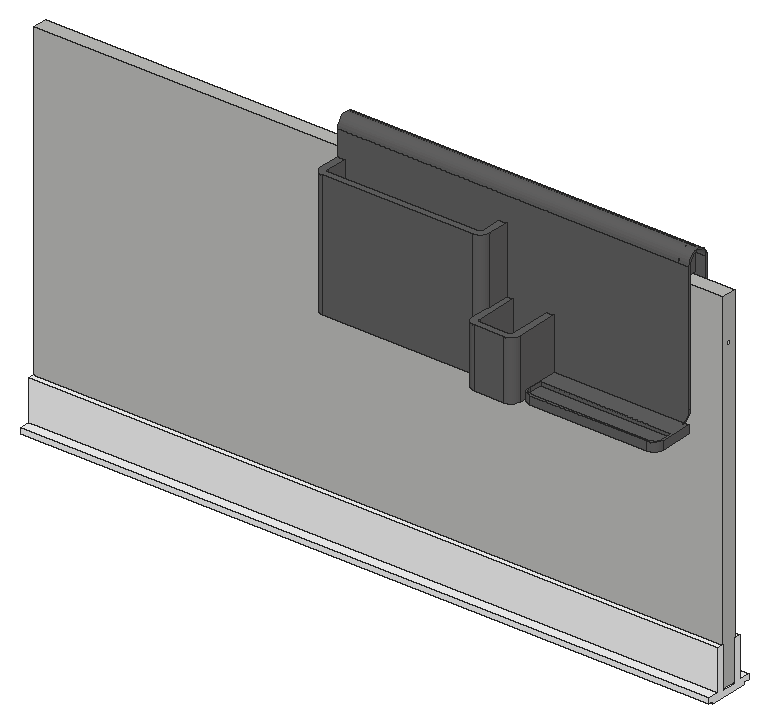
Revit family "Screen-Beam_Mounted-Teknion-JNSASB-Solid_Add-On-R2018", category Furniture, Revit 2018
Family settings
  OmniClass Number = 23.40.20.00
  OmniClass Title = General Furniture and Specialties
  Work Plane-Based = No
  Always vertical = Yes
  Cut with Voids When Loaded = No
  Shared = Yes
  Room Calculation Point = No
Parameters (values of type "Low Height (18), 120 Connection")
  Product Documentation Link 4 = "https://www.teknion.com/pricing/expansion-cityline/pdfs/JNSSA_ppg.pdf"
  Product Documentation Link 3 = "https://www.teknion.com/pricing/expansion-cityline/pdfs/JNSSE_ppg.pdf"
  Product Documentation Link 2 = "https://www.teknion.com/pricing/expansion-cityline/pdfs/JNSSM_ppg.pdf"
  JNSASB Width Note [instance] = "This product has widths ranging from 24 to 84 inches in 6 inch increments."  # constant formula
  Width [instance] = 48.000"
  Warranty = "http://www.teknion.com/ca/papers/legal-canada"
  Unit Weight URL = "http://www.teknion.com/ca/tools/assets#&asset=bee6a381-b954-425e-8283-5a2de3a804f2,f828d448-4b62-4231-9e5f-9a8991c0ed77"
  URL = "www.teknion.com"
  Sustainability Data = "http://www.teknion.com/ca/tools/assets#&topic=216f99a5-57a0-44fc-b10a-9dee9b29ae4c&asset=444deb64-fe58-4b68-981e-f75e97781df7"
  Standard Width = no
  Standard Height (28) = no
  Sit and Slide Screen Width [instance] = 24.000"
  Sit & Slide Screen Offset from Right Edge of Solid Add-On [instance] = 2.08252"
  Sit & Slide Screen Note [instance] = "Available Heights are 44, 53, and 59 inches. Available Widths are 24, 30, 36, and 42 inches."  # constant formula
  Sit & Slide Screen Material Note [instance] = "If Sit & Slide Screen - Felt is specified, then a felt finish must be chosen, if Sit & Slide Screen - Metal is specified, then you must choose between Whiteboard, Foundation, Mica, or an Accent Finish."  # constant formula
  Sit & Slide Screen Finish [instance] = Fabric-Teknion-RB11-Carbon
  Sit & Slide Screen Datum Offset [instance] = if(and([44 inch Sit & Slide Screen Datum Height], Datum Height = 42.000"), 2.000", if(and([53 inch Sit & Slide Screen Datum Height], Datum Height = 42.000"), 11.000", if(and([59 inch Sit & Slide Screen Datum Height], Datum Height = 42.000"), 17.000", if(and([53 inch Sit & Slide Screen Datum Height], Datum Height = 51.000"), 2.000", if(and([59 inch Sit & Slide Screen Datum Height], Datum Height = 51.000"), 8.000", if(and([59 inch Sit & Slide Screen Datum Height], Datum Height = 57.000"), 2.000", 2.000"))))))  # 2.000"
  Sit & Slide Screen (2D) [instance] = or(Has Sit & Slide Screen, Has Sit & Slide Screen with Accessories)  # yes
  Series = "Expansion Cityline"  # constant formula
  Screen Metal Frame Finish [instance] = Mica - Teknion - V - Satin - Very White
  Screen Finish [instance] = Source Laminate - Teknion - RV - Very White
  Right Plane Offset = if([Beam - Half], 0.846", if([Beam - Full], 1.693", if([120 Connection], 0.489", 0.000")))  # 0.489"
  Product Page URL = "http://www.teknion.com/ca/products/product-details?productlineid=9ad2a26e-8e7a-673b-a6c8-ff05004460c4"
  Product Line = "Expansion Cityline"  # constant formula
  Product Documentation Link = "http://www.teknion.com/pricing/expansion-cityline/pdfs/JNSASB_ppg.pdf"
  Part Number = "JNSASB"  # constant formula
  Sit and Slide Screen with Accessories Note [instance] = "If Sit & Slide Screen Width is greater than 24 inches, Sit & Slide Screen with Accessories can not be specified."  # constant formula
  Model = "JNSASBL____YS_"
  Manufacturer Phone = "416-661-3370"  # constant formula
  Manufacturer Fax = "416.661.4586"  # constant formula
  Manufacturer Contact Information = "http://www.teknion.com/ca/contactus"
  Manufacturer Address = "1150 Flint Road, Toronto, ON. M3J 2J5. Canada"  # constant formula
  Manufacturer = "Teknion"  # constant formula
  Low Height (18) = yes
  Left Plane Offset = if([Beam - Half], 0.846", if([Beam - Full], 1.693", if([120 Connection], 0.489", 0.000")))  # 0.489"
  Height = 18.000"
  JNSASB Datum Height Note [instance] = if([Low Height (18)], "This product has the following heights; 42, or 51 inches.", "This product has the following heights; 42, 51, and 57 inches.")  # "This product has the following heights; 42, or 51 inches."
  Has Sit & Slide Screen with Accessories [instance] = yes
  Has Sit & Slide Screen [instance] = yes
  Has Alignment Holes [instance] = yes
  Description = "Solid Add-On Screen – Beam-Mounted, Low height (18 inches), 120 Connection Width Reduction for Lateral Application, Standard Corner Detail"
  Datum Height [instance] = 42.000"
  Beam - Half = no
  Beam - Full = no
  Assembly Code = "E2020200"
  Alignment Hole Depth [instance] = if(Has Alignment Holes, 2.013", 0.500")  # 2.013"
  Accessory Finish [instance] = Fabric-Teknion-RB11-Carbon
  59 inch Sit & Slide Screen Datum Height [instance] = no
  53 inch Sit & Slide Screen Datum Height [instance] = no
  44 inch Sit & Slide Screen Datum Height [instance] = yes
  120 Connection = yes
Types (6): name | Standard Width | Standard Height (28) | Sit & Slide Screen Offset from Right Edge of Solid Add-On | Right Plane Offset | Model | Low Height (18) | Left Plane Offset | Height | JNSASB Datum Height Note | Description | Beam - Half | Beam - Full | 120 Connection
  Low Height (18), Standard Width | yes | no | 2.08252" | 0.000" | "JNSASBL____YS_" | yes | 0.000" | 18.000" | "This product has the following heights; 42, or 51 inches." | "Solid Add-On Screen – Beam-Mounted, Low height (18 inches), 120 Connection Width Reduction for Lateral Application, Standard Corner Detail" | no | no | no
  Low Height (18), 120 Connection | no | no | 2.08252" | 0.489" | "JNSASBL____YS_" | yes | 0.489" | 18.000" | "This product has the following heights; 42, or 51 inches." | "Solid Add-On Screen – Beam-Mounted, Low height (18 inches), 120 Connection Width Reduction for Lateral Application, Standard Corner Detail" | no | no | yes
  Standard Height (28), Standard Width | yes | yes | 3.000" | 0.000" | "JNSASBC____SS_" | no | 0.000" | 28.18504" | "This product has the following heights; 42, 51, and 57 inches." | "Solid Add-On Screen – Beam-Mounted, Standard Height (28 inches), Standard Width, Standard Corner Detail" | no | no | no
  Standard Height (28), Beam - Half | no | yes | 3.000" | 0.846" | "JNSASBC____AS_" | no | 0.846" | 28.18504" | "This product has the following heights; 42, 51, and 57 inches." | "Solid Add-On Screen – Beam-Mounted, Standard Height (28 inches), Beam - Half Width Reduction for Lateral Application, Standard Corner Detail" | yes | no | no
  Standard Height (28), Beam - Full | no | yes | 3.000" | 1.693" | "JNSASBC____BS_" | no | 1.693" | 28.18504" | "This product has the following heights; 42, 51, and 57 inches." | "Solid Add-On Screen – Beam-Mounted, Standard Height (28 inches), Beam - Full Width Reduction for Lateral Application, Standard Corner Detail" | no | yes | no
  Standard Height (28), 120 Connection | no | yes | 3.000" | 0.489" | "JNSASBC____BS_" | no | 0.489" | 28.18504" | "This product has the following heights; 42, 51, and 57 inches." | "Solid Add-On Screen – Beam-Mounted, Standard Height (28 inches),120 Connection Width Reduction for Lateral Application, Standard Corner Detail" | no | no | yes
Reference planes (in)
  plane 1 "Center Front/Back": y = 0
  plane 2: z = 0
  plane 3 "Center Left/Right": x = 0
  plane 4 "Left": x = -23.511
  plane 5 "Right": x = 23.511
  plane 6 "Back": y = 0.50787
  plane 7 "Front": y = -0.50787
  plane 8 "Top": z = 42
  plane 9: z = 17.46857
  plane 10: z = 18
  plane 11: x = -24.20493
  plane 12: x = 24.205
  plane 13: x = -2.57152
  plane 14: x = -1.82152
  plane 15: x = 20.67848
  plane 16: z = 33
  plane 17: z = 44
  plane 18: y = -0.69488
  plane 19: y = 0.69488
  plane 20: y = 0.74988
  plane 21: y = -0.74988
  plane 22: x = 21.42848
  plane 23: x = -24
  plane 24: x = 24
Forms (in)
  Extrusion 1, solid, material "Source Laminate - Teknion - RV - Very White" <- "Screen Finish"
    sketch origin (-23.511, 0, -0.125) x (0, 1, 0) y (0, 0, 1)
      loop
        line (0.50787, 42.125) -> (-0.50787, 42.125) -> (-0.50787, 18.125) -> (0.50787, 18.125) -> (0.50787, 42.125)
    from 0 to 47.022
  Extrusion 2, void
    sketch origin (-23.511, 0, 0) x (0, 1, 0) y (0, 0, 1)
      loop
        circle (0, 38.99999) r 0.15747
    from -0.69393 to 1.31907
  Extrusion 3, void
    sketch origin (9, 0, 0) x (0, 1, 0) y (0, 0, -1)
      loop
        circle (0, -38.99999) r 0.15747
    from -15.205 to -13.192
  Extrusion 4, solid, material "Fabric-Teknion-RB11-Carbon" <- "Sit & Slide Screen Finish", visible <- "Has Sit & Slide Screen"
    sketch origin (23.511, 0, 0) x (0, 1, 0) y (0, 0, -1)
      loop
        arc (-0.74988, -43.25012) -> (0, -44) -> (0.74988, -43.25012) r 0.74988
        line (0.74988, -43.25012) -> (0.74988, -33) -> (0.69488, -33) -> (0.69488, -43.25012)
        arc (0.69488, -43.25012) -> (0, -43.945) -> (-0.69488, -43.25012) r 0.69488
        line (-0.69488, -43.25012) -> (-0.69488, -33) -> (-0.74988, -33) -> (-0.74988, -43.25012)
    from 2.08252 to 26.08252
  Extrusion 5, void
    sketch origin (0, -0.50787, 0) x (-1, 0, 0) y (0, 0, -1)
      loop
        line (2.57152, -34.5) -> (2.57152, -33) -> (1.07152, -33)
        arc (1.07152, -33) -> (2.13218, -33.43934) -> (2.57152, -34.5) r 1.5
    from 0 to 12
  Extrusion 6, void
    sketch origin (12, -0.50787, 0) x (1, 0, 0) y (0, 0, 1)
      loop
        line (9.42848, 33) -> (9.42848, 34.5)
        arc (9.42848, 34.5) -> (8.98914, 33.43934) -> (7.92848, 33) r 1.5
        line (7.92848, 33) -> (9.42848, 33)
    from 0 to 12
  Extrusion 7, void
    sketch origin (0, 0.50787, 0) x (-1, 0, 0) y (0, 0, 1)
      loop
        arc (2.57152, 34.5) -> (2.13218, 33.43934) -> (1.07152, 33) r 1.5
        line (1.07152, 33) -> (2.57152, 33) -> (2.57152, 34.5)
    from 0 to 12
  Extrusion 8, void
    sketch origin (12, 0.50787, 0) x (1, 0, 0) y (0, 0, -1)
      loop
        line (9.42848, -33) -> (7.92848, -33)
        arc (7.92848, -33) -> (8.98914, -33.43934) -> (9.42848, -34.5) r 1.5
        line (9.42848, -34.5) -> (9.42848, -33)
    from 0 to 12
  Extrusion 9, solid, material "Fabric-Teknion-RB11-Carbon" <- "Sit & Slide Screen Finish", visible <- "Has Sit & Slide Screen"
    sketch origin (-23.511, 0, -8.83) x (0, 1, 0) y (0, 0, 1)
      loop
        line (-0.69488, 50.83) -> (0.69488, 50.83) -> (0.69488, 52.08012)
        arc (0.69488, 52.08012) -> (0, 52.775) -> (-0.69488, 52.08012) r 0.69488
        line (-0.69488, 52.08012) -> (-0.69488, 50.83)
    from 21.68948 to 44.18948
  Extrusion 10, solid, material "Fabric-Teknion-RB11-Carbon" <- "Accessory Finish", visible <- "Has Sit & Slide Screen with Accessories"
    sketch origin (0, 0, 0) x (1, 0, 0) y (0, 1, 0)
      loop
        line (8.93636, 3.62894) -> (8.93636, 0.74988) -> (12.19423, 0.74988) -> (12.19423, 3.62894)
        arc (12.19423, 3.62894) -> (12.01117, 4.07088) -> (11.56923, 4.25394) r 0.625
        line (11.56923, 4.25394) -> (9.56136, 4.25394)
        arc (9.56136, 4.25394) -> (9.11941, 4.07088) -> (8.93636, 3.62894) r 0.625
    from 33 to 37.01575
  Extrusion 11, void
    sketch origin (0, 0, 0) x (1, 0, 0) y (0, 1, 0)
      loop
        line (9.40092, 3.62894) -> (9.40092, 0.74988) -> (11.72966, 0.74988) -> (11.72966, 3.62894)
        arc (11.72966, 3.62894) -> (11.68267, 3.74238) -> (11.56923, 3.78937) r 0.16043
        line (11.56923, 3.78937) -> (9.56136, 3.78937)
        arc (9.56136, 3.78937) -> (9.44791, 3.74238) -> (9.40092, 3.62894) r 0.16043
    from 33.05512 to 44
  Extrusion 12, solid, material "Fabric-Teknion-RB11-Carbon" <- "Accessory Finish", visible <- "Has Sit & Slide Screen with Accessories"
    sketch origin (0, 0, 0) x (1, 0, 0) y (0, 1, 0)
      loop
        line (-2.57152, 2.18839) -> (-2.57152, 0.75) -> (8.93636, 0.75) -> (8.93636, 2.18839)
        arc (8.93636, 2.18839) -> (8.7533, 2.63033) -> (8.31136, 2.81339) r 0.625
        line (8.31136, 2.81339) -> (-1.94652, 2.81339)
        arc (-1.94652, 2.81339) -> (-2.38846, 2.63033) -> (-2.57152, 2.18839) r 0.625
    from 33 to 41.51969
  Extrusion 13, solid, material "Fabric-Teknion-RB11-Carbon" <- "Accessory Finish", visible <- "Has Sit & Slide Screen with Accessories"
    sketch origin (0, 0, 0) x (1, 0, 0) y (0, 1, 0)
      loop
        arc (-2.57152, -2.18839) -> (-2.38846, -2.63033) -> (-1.94652, -2.81339) r 0.625
        line (-1.94652, -2.81339) -> (8.31136, -2.81339)
        arc (8.31136, -2.81339) -> (8.7533, -2.63033) -> (8.93636, -2.18839) r 0.625
        line (8.93636, -2.18839) -> (8.93636, -0.74988) -> (-2.57152, -0.74988) -> (-2.57152, -2.18839)
    from 33 to 41.51969
  Extrusion 14, solid, material "Fabric-Teknion-RB11-Carbon" <- "Accessory Finish", visible <- "Has Sit & Slide Screen with Accessories"
    sketch origin (0, 0, 0) x (1, 0, 0) y (0, 1, 0)
      loop
        arc (8.93636, -3.62894) -> (9.11941, -4.07088) -> (9.56136, -4.25394) r 0.625
        line (9.56136, -4.25394) -> (11.56923, -4.25394)
        arc (11.56923, -4.25394) -> (12.01117, -4.07088) -> (12.19423, -3.62894) r 0.625
        line (12.19423, -3.62894) -> (12.19423, -0.74988) -> (8.93636, -0.74988) -> (8.93636, -3.62894)
    from 33 to 37.01575
  Extrusion 15, void
    sketch origin (0, 0, 0) x (1, 0, 0) y (0, 1, 0)
      loop
        arc (9.40092, -3.62894) -> (9.44791, -3.74238) -> (9.56136, -3.78937) r 0.16043
        line (9.56136, -3.78937) -> (11.56923, -3.78937)
        arc (11.56923, -3.78937) -> (11.68267, -3.74238) -> (11.72966, -3.62894) r 0.16043
        line (11.72966, -3.62894) -> (11.72966, -0.74988) -> (9.40092, -0.74988) -> (9.40092, -3.62894)
    from 33 to 44
  Extrusion 16, solid, material "Fabric-Teknion-RB11-Carbon" <- "Accessory Finish", visible <- "Has Sit & Slide Screen with Accessories"
    sketch origin (0, 0, 0) x (1, 0, 0) y (0, 1, 0)
      loop
        line (12.19423, 2.93445) -> (12.19423, 0.74988) -> (21.42848, 0.74988) -> (21.42848, 2.93445)
        arc (21.42848, 2.93445) -> (21.24542, 3.37639) -> (20.80348, 3.55945) r 0.625
        line (20.80348, 3.55945) -> (12.81923, 3.55945)
        arc (12.81923, 3.55945) -> (12.37729, 3.37639) -> (12.19423, 2.93445) r 0.625
    from 33 to 33.55906
  Extrusion 17, solid, material "Fabric-Teknion-RB11-Carbon" <- "Accessory Finish", visible <- "Has Sit & Slide Screen with Accessories"
    sketch origin (0, 0, 0) x (1, 0, 0) y (0, 1, 0)
      loop
        arc (12.19423, -2.93445) -> (12.37729, -3.37639) -> (12.81923, -3.55945) r 0.625
        line (12.81923, -3.55945) -> (20.80348, -3.55945)
        arc (20.80348, -3.55945) -> (21.24542, -3.37639) -> (21.42848, -2.93445) r 0.625
        line (21.42848, -2.93445) -> (21.42848, -0.74988) -> (12.19423, -0.74988) -> (12.19423, -2.93445)
    from 33 to 33.55906
  Extrusion 18, void
    sketch origin (0, 0.08858, 0) x (1, 0, 0) y (0, 1, 0)
      loop
        line (-2.10695, 2.0998) -> (-2.10695, 0.6613) -> (8.47179, 0.6613) -> (8.47179, 2.0998)
        arc (8.47179, 2.0998) -> (8.4248, 2.21325) -> (8.31136, 2.26024) r 0.16043
        line (8.31136, 2.26024) -> (-1.94652, 2.26024)
        arc (-1.94652, 2.26024) -> (-2.05996, 2.21325) -> (-2.10695, 2.0998) r 0.16043
    from 33.05512 to 44
  Extrusion 19, void
    sketch origin (0, -0.08858, 0) x (1, 0, 0) y (0, 1, 0)
      loop
        arc (-2.10695, -2.0998) -> (-2.05996, -2.21325) -> (-1.94652, -2.26024) r 0.16043
        line (-1.94652, -2.26024) -> (8.31136, -2.26024)
        arc (8.31136, -2.26024) -> (8.4248, -2.21325) -> (8.47179, -2.0998) r 0.16043
        line (8.47179, -2.0998) -> (8.47179, -0.6613) -> (-2.10695, -0.6613) -> (-2.10695, -2.0998)
    from 33.05512 to 44
  Extrusion 20, void
    sketch origin (0, 0, 0) x (1, 0, 0) y (0, 1, 0)
      loop
        line (12.31234, 2.06339) -> (21.31037, 2.06339) -> (21.31037, 2.93445)
        arc (21.31037, 2.93445) -> (21.16191, 3.29287) -> (20.80348, 3.44134) r 0.50689
        line (20.80348, 3.44134) -> (12.81923, 3.44134)
        arc (12.81923, 3.44134) -> (12.4608, 3.29287) -> (12.31234, 2.93445) r 0.50689
        line (12.31234, 2.93445) -> (12.31234, 2.06339)
    from 33.30709 to 44
  Extrusion 21, void
    sketch origin (0, 0, 0) x (1, 0, 0) y (0, 1, 0)
      loop
        line (12.31234, -2.06339) -> (12.31234, -2.93445)
        arc (12.31234, -2.93445) -> (12.4608, -3.29287) -> (12.81923, -3.44134) r 0.50689
        line (12.81923, -3.44134) -> (20.80348, -3.44134)
        arc (20.80348, -3.44134) -> (21.16191, -3.29287) -> (21.31037, -2.93445) r 0.50689
        line (21.31037, -2.93445) -> (21.31037, -2.06339) -> (12.31234, -2.06339)
    from 33.30709 to 44
  Extrusion 22, solid, material "Mica - Teknion - V - Satin - Very White" <- "Screen Metal Frame Finish"
    sketch origin (0, 0, 0) x (0, 1, 0) y (0, 0, 1)
      loop
        line (1.69291, 17.62598) -> (1.69291, 18) -> (0.94488, 18) -> (0.94488, 20.70472) -> (0.50787, 20.70472) -> (0.50787, 17.88196) -> (-0.50787, 17.88196) -> (-0.50787, 20.70472) -> (-0.94488, 20.70472) -> (-0.94488, 18) -> (-1.69291, 18) -> (-1.69291, 17.62598) -> (-1.3248, 17.62598) -> (-1.3248, 17.46857) -> (1.3248, 17.46857) -> (1.3248, 17.62598) -> (1.69291, 17.62598)
    from -23.511 to 23.511
Cuts and joins
  Extrusion 2, Extrusion 3, Extrusion 5, Extrusion 6, Extrusion 7, Extrusion 8 cuts Extrusion 1
  Extrusion 5, Extrusion 6, Extrusion 7, Extrusion 8 cuts Extrusion 4
  Extrusion 11, Extrusion 15 cuts Extrusion 10
  Extrusion 18, Extrusion 19 cuts Extrusion 12
  Extrusion 19 cuts Extrusion 13
  Extrusion 15 cuts Extrusion 14
  Extrusion 21 cuts Extrusion 17
  Extrusion 20 cuts Extrusion 16
Lines and regions (in)
  Masking region 1
    outline origin (0, 0, 0) x (1, 0, 0) y (0, 1, 0)
      loop
        line (-23.511, -1.69291) -> (23.511, -1.69291) -> (23.511, 1.69291) -> (-23.511, 1.69291) -> (-23.511, -1.69291)
  Masking region 2, visible <- "Has Sit & Slide Screen with Accessories"
    outline origin (0, 0, 0) x (1, 0, 0) y (0, 1, 0)
      loop
        line (-2.57152, 0.74988) -> (8.93636, 0.74988) -> (8.93636, 2.18839)
        arc (8.93636, 2.18839) -> (8.7533, 2.63033) -> (8.31136, 2.81339) r 0.625
        line (8.31136, 2.81339) -> (-1.94652, 2.81339)
        arc (-1.94652, 2.81339) -> (-2.38846, 2.63033) -> (-2.57152, 2.18839) r 0.625
        line (-2.57152, 2.18839) -> (-2.57152, 0.74988)
  Masking region 3, visible <- "Has Sit & Slide Screen with Accessories"
    outline origin (0, 0, 0) x (1, 0, 0) y (0, 1, 0)
      loop
        line (-2.57152, -0.74988) -> (-2.57152, -2.18839)
        arc (-2.57152, -2.18839) -> (-2.38846, -2.63033) -> (-1.94652, -2.81339) r 0.625
        line (-1.94652, -2.81339) -> (8.31136, -2.81339)
        arc (8.31136, -2.81339) -> (8.7533, -2.63033) -> (8.93636, -2.18839) r 0.625
        line (8.93636, -2.18839) -> (8.93636, -0.74988) -> (-2.57152, -0.74988)
  Masking region 4, visible <- "Has Sit & Slide Screen with Accessories"
    outline origin (0, 0, 0) x (1, 0, 0) y (0, 1, 0)
      loop
        line (11.56923, 4.25394) -> (9.56136, 4.25394)
        arc (9.56136, 4.25394) -> (9.11941, 4.07088) -> (8.93636, 3.62894) r 0.625
        line (8.93636, 3.62894) -> (8.93636, 0.74988) -> (12.19423, 0.74988) -> (12.19423, 3.62894)
        arc (12.19423, 3.62894) -> (12.01117, 4.07088) -> (11.56923, 4.25394) r 0.625
  Masking region 5, visible <- "Has Sit & Slide Screen with Accessories"
    outline origin (0, 0, 0) x (1, 0, 0) y (0, 1, 0)
      loop
        line (20.80348, 3.55945) -> (12.81923, 3.55945)
        arc (12.81923, 3.55945) -> (12.37729, 3.37639) -> (12.19423, 2.93445) r 0.625
        line (12.19423, 2.93445) -> (12.19423, 0.74988) -> (21.42848, 0.74988) -> (21.42848, 2.93445)
        arc (21.42848, 2.93445) -> (21.24542, 3.37639) -> (20.80348, 3.55945) r 0.625
  Masking region 6, visible <- "Has Sit & Slide Screen with Accessories"
    outline origin (0, 0, 0) x (1, 0, 0) y (0, 1, 0)
      loop
        line (12.19423, -0.74988) -> (12.19423, -2.93445)
        arc (12.19423, -2.93445) -> (12.37729, -3.37639) -> (12.81923, -3.55945) r 0.625
        line (12.81923, -3.55945) -> (20.80348, -3.55945)
        arc (20.80348, -3.55945) -> (21.24542, -3.37639) -> (21.42848, -2.93445) r 0.625
        line (21.42848, -2.93445) -> (21.42848, -0.74988) -> (12.19423, -0.74988)
  Masking region 7, visible <- "Has Sit & Slide Screen with Accessories"
    outline origin (0, 0, 0) x (1, 0, 0) y (0, 1, 0)
      loop
        line (8.93636, -0.74988) -> (8.93636, -3.62894)
        arc (8.93636, -3.62894) -> (9.11941, -4.07088) -> (9.56136, -4.25394) r 0.625
        line (9.56136, -4.25394) -> (11.56923, -4.25394)
        arc (11.56923, -4.25394) -> (12.01117, -4.07088) -> (12.19423, -3.62894) r 0.625
        line (12.19423, -3.62894) -> (12.19423, -0.74988) -> (8.93636, -0.74988)
  Masking region 8, visible <- "Sit & Slide Screen (2D)"
    outline origin (0, 0, 0) x (1, 0, 0) y (0, 1, 0)
      loop
        line (-2.57152, 0.75) -> (-2.57152, -0.74988) -> (21.42848, -0.74988) -> (21.42848, 0.75) -> (-2.57152, 0.75)
  symbolic lines, detail levels medium+fine
    curve 1: line (-23.511, 0.50787, 0) -> (23.511, 0.50787, 0)
    curve 2: line (-23.511, -0.50787, 0) -> (23.511, -0.50787, 0)
  symbolic lines, style "FurnitureHiddenLines", visible <- "Has Alignment Holes", detail levels fine
    curve 3: line (-23.511, 0.15747, 0) -> (-22.19193, 0.15747, 0)
    curve 4: line (-22.19193, 0.15747, 0) -> (-22.19193, -0.15747, 0)
    curve 5: line (-22.19193, -0.15747, 0) -> (-23.511, -0.15747, 0)
    curve 6: line (23.511, 0.15747, 0) -> (22.19193, 0.15747, 0)
    curve 7: line (22.19193, 0.15747, 0) -> (22.19193, -0.15747, 0)
    curve 8: line (22.19193, -0.15747, 0) -> (23.511, -0.15747, 0)
  symbolic lines, visible <- "Has Sit & Slide Screen with Accessories", detail levels fine
    curve 9: line (-2.10695, 2.18839, 0) -> (-2.10695, 0.75, 0)
    curve 10: line (-2.10695, 0.75, 0) -> (8.47179, 0.75, 0)
    curve 11: line (8.47179, 0.75, 0) -> (8.47179, 2.18839, 0)
    curve 12: arc (8.47179, 2.18839, 0) -> (8.4248, 2.30183, 0) -> (8.31136, 2.34882, 0) r 0.16043
    curve 13: line (8.31136, 2.34882, 0) -> (-1.94652, 2.34882, 0)
    curve 14: arc (-1.94652, 2.34882, 0) -> (-2.05996, 2.30183, 0) -> (-2.10695, 2.18839, 0) r 0.16043
    curve 15: line (-1.94652, -2.34882, 0) -> (8.31136, -2.34882, 0)
    curve 16: arc (8.31136, -2.34882, 0) -> (8.4248, -2.30183, 0) -> (8.47179, -2.18839, 0) r 0.16043
    curve 17: line (8.47179, -2.18839, 0) -> (8.47179, -0.74988, 0)
    curve 18: line (8.47179, -0.74988, 0) -> (-2.10695, -0.74988, 0)
    curve 19: line (-2.10695, -0.74988, 0) -> (-2.10695, -2.18839, 0)
    curve 20: arc (-2.10695, -2.18839, 0) -> (-2.05996, -2.30183, 0) -> (-1.94652, -2.34882, 0) r 0.16043
    curve 21: line (9.40092, 3.62894, 0) -> (9.40092, 0.74988, 0)
    curve 22: line (9.40092, 0.74988, 0) -> (11.72966, 0.74988, 0)
    curve 23: line (11.72966, 0.74988, 0) -> (11.72966, 3.62894, 0)
    curve 24: arc (11.72966, 3.62894, 0) -> (11.68267, 3.74238, 0) -> (11.56923, 3.78937, 0) r 0.16043
    curve 25: line (11.56923, 3.78937, 0) -> (9.56136, 3.78937, 0)
    curve 26: arc (9.56136, 3.78937, 0) -> (9.44791, 3.74238, 0) -> (9.40092, 3.62894, 0) r 0.16043
    curve 27: line (12.81923, 3.44134, 0) -> (20.80348, 3.44134, 0)
    curve 28: arc (20.80348, 3.44134, 0) -> (21.16191, 3.29287, 0) -> (21.31037, 2.93445, 0) r 0.50689
    curve 29: line (21.31037, 2.93445, 0) -> (21.31037, 2.06339, 0)
    curve 30: line (21.31037, 2.06339, 0) -> (12.31234, 2.06339, 0)
    curve 31: line (12.31234, 2.06339, 0) -> (12.31234, 2.93445, 0)
    curve 32: arc (12.31234, 2.93445, 0) -> (12.4608, 3.29287, 0) -> (12.81923, 3.44134, 0) r 0.50689
    curve 33: line (12.31234, -2.06339, 0) -> (21.31037, -2.06339, 0)
    curve 34: line (21.31037, -2.06339, 0) -> (21.31037, -2.93445, 0)
    curve 35: arc (21.31037, -2.93445, 0) -> (21.16191, -3.29287, 0) -> (20.80348, -3.44134, 0) r 0.50689
    curve 36: line (20.80348, -3.44134, 0) -> (12.81923, -3.44134, 0)
    curve 37: arc (12.81923, -3.44134, 0) -> (12.4608, -3.29287, 0) -> (12.31234, -2.93445, 0) r 0.50689
    curve 38: line (12.31234, -2.93445, 0) -> (12.31234, -2.06339, 0)
    curve 39: line (9.40092, -0.74988, 0) -> (9.40092, -3.62894, 0)
    curve 40: arc (9.40092, -3.62894, 0) -> (9.44791, -3.74238, 0) -> (9.56136, -3.78937, 0) r 0.16043
    curve 41: line (9.56136, -3.78937, 0) -> (11.56923, -3.78937, 0)
    curve 42: arc (11.56923, -3.78937, 0) -> (11.68267, -3.74238, 0) -> (11.72966, -3.62894, 0) r 0.16043
    curve 43: line (11.72966, -3.62894, 0) -> (11.72966, -0.74988, 0)
    curve 44: line (11.72966, -0.74988, 0) -> (9.40092, -0.74988, 0)
  reference lines, not visible
    curve 45: line (-23.511, 1.69291, 0) -> (23.511, 1.69291, 0)
    curve 46: line (-23.511, -1.69291, 0) -> (23.511, -1.69291, 0)
    curve 47: line (-23.511, 1.69291, 0) -> (-23.511, -1.69291, 0)
    curve 48: line (23.511, 1.69291, 0) -> (23.511, -1.69291, 0)
Dimensions and locks (in)
  "Width": plane 23 to plane 24
  locked: plane 6 "Back" to plane 7 "Front" at 1.01575
  "Datum Height": plane 8 "Top" to level
  plane 9 to plane 10 = 0.53143"
  equal spacing: plane 23, plane 3 "Center Left/Right", plane 24
  plane 11 to plane 23 = 0.20493"
  "Alignment Hole Depth": plane 11 to Extrusion 2
  locked: plane 12 to plane 24 at 0.205
  "Alignment Hole Depth": plane 12 to Extrusion 3
  locked: plane 4 "Left" to curve 4 at 1.31907
  curve 5 to plane 1 "Center Front/Back" to curve 3 = 0.15747" locked, 0.15747" locked
  curve 8 to plane 1 "Center Front/Back" to curve 6 = 0.15747" locked, 0.15747" locked
  Extrusion 9 sketch curve to plane 1 "Center Front/Back" to Extrusion 9 sketch curve = 0.69488" locked, 0.69488" locked
  locked: plane 13 to plane 14 at 0.75
  plane 17 to Extrusion 4 sketch curve to Extrusion 4 sketch curve = 0.74988" locked, 0.000" locked
  locked: plane 17 to Extrusion 9 sketch curve at 0.74988
  locked: plane 18 to plane 7 "Front" at 0.18701
  locked: plane 6 "Back" to plane 19 at 0.18701
  locked: plane 21 to plane 18 at 0.055
  locked: plane 19 to plane 20 at 0.055
  locked: plane 1 "Center Front/Back" to Extrusion 4 sketch curve at 0  (x2)
  locked: Extrusion 21 to plane 16 at 0.30709  (x2)
  Extrusion 13 sketch curve to Extrusion 13 sketch curve to Extrusion 13 sketch curve to Extrusion 13 sketch curve to plane 22 = 0.625" locked, 10.25787" locked, 0.625" locked, 12.49213" locked
  locked: plane 21 to Extrusion 13 sketch curve at 2.0635
  Extrusion 12 sketch curve to Extrusion 12 sketch curve to Extrusion 12 sketch curve to Extrusion 12 sketch curve to plane 22 = 0.625" locked, 10.25787" locked, 0.625" locked, 12.49213" locked
  locked: plane 20 to Extrusion 12 sketch curve at 2.0635
  Extrusion 14 sketch curve to Extrusion 14 sketch curve to Extrusion 14 sketch curve to Extrusion 14 sketch curve to plane 22 = 0.625" locked, 2.00787" locked, 0.625" locked, 9.23425" locked
  locked: plane 21 to Extrusion 14 sketch curve at 3.50406
  Extrusion 10 sketch curve to Extrusion 10 sketch curve to Extrusion 10 sketch curve to Extrusion 10 sketch curve to plane 22 = 0.625" locked, 2.00787" locked, 0.625" locked, 9.23425" locked
  locked: plane 20 to Extrusion 10 sketch curve at 3.50406
  plane 20 to Extrusion 11 sketch curve to Extrusion 11 sketch curve to Extrusion 11 sketch curve = 2.87906" locked, 0.000" locked, 0.16043" locked
  Extrusion 11 sketch curve to Extrusion 11 sketch curve to plane 22 = 2.32874" locked, 9.69882" locked
  Extrusion 15 sketch curve to Extrusion 15 sketch curve to Extrusion 15 sketch curve to Extrusion 15 sketch curve to plane 22 = 0.16043" locked, 2.00787" locked, 0.16043" locked, 9.69882" locked
  locked: plane 21 to Extrusion 15 sketch curve at 3.03949
  plane 21 to Extrusion 17 sketch curve to Extrusion 17 sketch curve to Extrusion 17 sketch curve = 2.18457" locked, 0.000" locked, 0.625" locked
  Extrusion 17 sketch curve to Extrusion 17 sketch curve to Extrusion 17 sketch curve to Extrusion 17 sketch curve = 0.625" locked, 7.98425" locked, 0.625" locked
  plane 20 to Extrusion 20 sketch curve to Extrusion 20 sketch curve to Extrusion 20 sketch curve to Extrusion 20 sketch curve = 1.3135" locked, 0.87106" locked, 0.000" locked, 0.50689" locked
  Extrusion 20 sketch curve to Extrusion 20 sketch curve to Extrusion 20 sketch curve to Extrusion 20 sketch curve to plane 22 = 0.50689" locked, 7.98425" locked, 0.50689" locked, 0.11811" locked
  locked: cut or joined group of Extrusion 13, Extrusion 19 to plane 16 at 0.05512
  locked: plane 16 to cut or joined group of Extrusion 16, Extrusion 20 at 0.30709
  locked: plane 16 to cut or joined group of Extrusion 10, Extrusion 11, Extrusion 15 at 0.05512
  locked: plane 16 to cut or joined group of Extrusion 12, Extrusion 18, Extrusion 19 at 0.05512
  Extrusion 18 sketch curve to Extrusion 18 sketch curve to Extrusion 18 sketch curve to Extrusion 18 sketch curve to plane 22 = 0.16043" locked, 10.25787" locked, 0.16043" locked, 12.95669" locked
  locked: plane 20 to Extrusion 18 sketch curve at 1.59894
  Extrusion 19 sketch curve to Extrusion 19 sketch curve to Extrusion 19 sketch curve to Extrusion 19 sketch curve to plane 22 = 0.16043" locked, 10.25787" locked, 0.16043" locked, 12.95669" locked
  locked: plane 21 to Extrusion 19 sketch curve at 1.59894
  "Sit & Slide Screen Offset from Right Edge of Solid Add-On": plane 22 to plane 5 "Right"
  Extrusion 21 sketch curve to Extrusion 21 sketch curve to Extrusion 21 sketch curve to Extrusion 21 sketch curve to plane 22 = 0.50689" locked, 7.98425" locked, 0.50689" locked, 0.11811" locked
  plane 21 to Extrusion 21 sketch curve to Extrusion 21 sketch curve to Extrusion 21 sketch curve to Extrusion 21 sketch curve = 1.3135" locked, 0.87106" locked, 0.000" locked, 0.50689" locked
  locked: plane 15 to plane 22 at 0.75
  "Sit and Slide Screen Width": plane 13 to plane 22
  Extrusion 16 sketch curve to Extrusion 16 sketch curve to Extrusion 16 sketch curve to plane 22 = 0.625" locked, 7.98425" locked, 0.625" locked
  plane 20 to Extrusion 16 sketch curve to Extrusion 16 sketch curve to Extrusion 16 sketch curve = 2.18457" locked, 0.000" locked, 0.625" locked
  "Sit & Slide Screen Datum Offset": plane 17 to plane 8 "Top"
  locked: Extrusion 5 sketch curve to plane 13 at 1.5
  locked: Extrusion 5 sketch curve to plane 16 at 1.5
  locked: Extrusion 7 sketch curve to plane 13 at 1.5
  locked: plane 16 to Extrusion 7 sketch curve at 1.5
  locked: plane 22 to Extrusion 6 sketch curve at 1.5
  locked: Extrusion 6 sketch curve to plane 16 at 1.5
  locked: plane 22 to Extrusion 8 sketch curve at 1.5
  locked: plane 16 to Extrusion 8 sketch curve at 1.5
  plane 9 to Extrusion 22 sketch curve to Extrusion 22 sketch curve = 3.23615" locked, 0.000" locked
  Extrusion 22 sketch curve to Extrusion 22 sketch curve to plane 6 "Back" = 0.37992" locked, 0.43701" locked
  plane 7 "Front" to Extrusion 22 sketch curve to Extrusion 22 sketch curve = 0.43701" locked, 0.37992" locked
  locked: Extrusion 22 sketch curve to plane 9 at 0
  plane 9 to Extrusion 22 sketch curve to Extrusion 22 sketch curve = 0.15741" locked, 0.000" locked
  locked: plane 16 to plane 8 "Top" at 9
  locked: cut or joined group of Extrusion 13, Extrusion 19 to plane 16 at 8.51969
  locked: cut or joined group of Extrusion 14, Extrusion 15 to plane 16 at 4.01575
  locked: cut or joined group of Extrusion 17, Extrusion 21 to plane 16 at 0.55906
  locked: plane 16 to cut or joined group of Extrusion 12, Extrusion 18, Extrusion 19 at 8.51969
  locked: cut or joined group of Extrusion 10, Extrusion 11, Extrusion 15 to plane 16 at 4.01575
  locked: cut or joined group of Extrusion 16, Extrusion 20 to plane 16 at 0.55906
  "Right Plane Offset": plane 5 "Right" to plane 24
  "Left Plane Offset": plane 23 to plane 4 "Left"
  "Height": level to plane 10
  aligned and locked: level to plane 2
  aligned and locked: plane 8 "Top" to Extrusion 1
  aligned and locked: plane 7 "Front" to Extrusion 1
  aligned and locked: plane 6 "Back" to Extrusion 1
  aligned and locked: plane 10 to Extrusion 1
  aligned and locked: Extrusion 1 to plane 5 "Right"
  aligned and locked: Extrusion 1 to plane 4 "Left"
  aligned and locked: plane 11 to Extrusion 2
  aligned and locked: Extrusion 3 to plane 12
  aligned and locked: curve 1 to plane 6 "Back"
  aligned and locked: curve 2 to plane 7 "Front"
  aligned and locked: cut or joined group of Extrusion 4, Extrusion 5, Extrusion 6, Extrusion 7, Extrusion 8 to plane 13
  aligned and locked: Extrusion 9 to plane 14
  aligned and locked: plane 15 to Extrusion 9
  aligned and locked: plane 16 to cut or joined group of Extrusion 4, Extrusion 5, Extrusion 6, Extrusion 7, Extrusion 8  (x2)
  aligned and locked: Extrusion 4 sketch curve to plane 16  (x2)
  aligned and locked: plane 16 to Extrusion 10
  aligned and locked: plane 16 to Extrusion 12
  aligned and locked: plane 16 to Extrusion 13
  aligned and locked: plane 16 to Extrusion 16
  aligned and locked: plane 16 to Extrusion 17
  aligned and locked: plane 18 to Extrusion 4 sketch curve
  aligned and locked: Extrusion 4 sketch curve to plane 21
  aligned and locked: plane 19 to Extrusion 4 sketch curve
  aligned and locked: Extrusion 4 sketch curve to plane 20
  aligned and locked: plane 17 to Extrusion 21
  aligned and locked: plane 17 to Extrusion 20
  aligned and locked: plane 17 to Extrusion 19
  aligned and locked: plane 17 to Extrusion 18
  aligned and locked: plane 17 to Extrusion 15
  aligned and locked: plane 17 to Extrusion 11
  aligned and locked: Extrusion 13 sketch curve to plane 21
  aligned and locked: Extrusion 14 sketch curve to plane 21
  aligned and locked: plane 20 to Extrusion 10 sketch curve
  aligned and locked: plane 20 to Extrusion 11 sketch curve
  aligned and locked: Extrusion 15 sketch curve to plane 21
  aligned and locked: plane 21 to Extrusion 17 sketch curve
  aligned and locked: plane 16 to cut or joined group of Extrusion 14, Extrusion 15
  aligned and locked: plane 16 to cut or joined group of Extrusion 17, Extrusion 21
  aligned and locked: plane 20 to Masking region 2 sketch curve
  aligned and locked: Masking region 2 sketch curve to cut or joined group of Extrusion 12, Extrusion 18, Extrusion 19  (x3)
  aligned and locked: Masking region 3 sketch curve to plane 21
  aligned and locked: Masking region 3 sketch curve to cut or joined group of Extrusion 13, Extrusion 19  (x3)
  aligned and locked: Masking region 4 sketch curve to cut or joined group of Extrusion 10, Extrusion 11, Extrusion 15  (x4)
  aligned and locked: Masking region 6 sketch curve to cut or joined group of Extrusion 17, Extrusion 21  (x4)
  aligned and locked: Masking region 7 sketch curve to cut or joined group of Extrusion 14, Extrusion 15  (x4)
  aligned and locked: Masking region 1 sketch curve to plane 4 "Left"
  aligned and locked: Masking region 1 sketch curve to plane 5 "Right"
  aligned and locked: Masking region 8 sketch curve to cut or joined group of Extrusion 4, Extrusion 5, Extrusion 6, Extrusion 7, Extrusion 8
  aligned and locked: Masking region 8 sketch curve to cut or joined group of Extrusion 12, Extrusion 18, Extrusion 19
  aligned and locked: Masking region 8 sketch curve to cut or joined group of Extrusion 13, Extrusion 19
  aligned and locked: cut or joined group of Extrusion 12, Extrusion 18, Extrusion 19 to curve 10
  aligned and locked: cut or joined group of Extrusion 12, Extrusion 18, Extrusion 19 to curve 11
  aligned and locked: curve 12 to cut or joined group of Extrusion 12, Extrusion 18, Extrusion 19
  aligned and locked: curve 14 to cut or joined group of Extrusion 12, Extrusion 18, Extrusion 19
  aligned and locked: curve 16 to cut or joined group of Extrusion 13, Extrusion 19
  aligned and locked: cut or joined group of Extrusion 13, Extrusion 19 to curve 18
  aligned and locked: curve 19 to cut or joined group of Extrusion 13, Extrusion 19
  aligned and locked: curve 20 to cut or joined group of Extrusion 13, Extrusion 19
  aligned and locked: cut or joined group of Extrusion 10, Extrusion 11, Extrusion 15 to curve 22
  aligned and locked: curve 23 to cut or joined group of Extrusion 10, Extrusion 11, Extrusion 15
  aligned and locked: curve 24 to cut or joined group of Extrusion 10, Extrusion 11, Extrusion 15
  aligned and locked: curve 26 to cut or joined group of Extrusion 10, Extrusion 11, Extrusion 15
  aligned and locked: curve 28 to cut or joined group of Extrusion 16, Extrusion 20
  aligned and locked: curve 30 to cut or joined group of Extrusion 16, Extrusion 20
  aligned and locked: curve 31 to cut or joined group of Extrusion 16, Extrusion 20
  aligned and locked: curve 32 to cut or joined group of Extrusion 16, Extrusion 20
  aligned and locked: curve 33 to cut or joined group of Extrusion 17, Extrusion 21
  aligned and locked: curve 34 to cut or joined group of Extrusion 17, Extrusion 21
  aligned and locked: curve 35 to cut or joined group of Extrusion 17, Extrusion 21
  aligned and locked: curve 37 to cut or joined group of Extrusion 17, Extrusion 21
  aligned and locked: curve 39 to cut or joined group of Extrusion 14, Extrusion 15
  aligned and locked: curve 40 to cut or joined group of Extrusion 14, Extrusion 15
  aligned and locked: curve 42 to cut or joined group of Extrusion 14, Extrusion 15
  aligned and locked: cut or joined group of Extrusion 14, Extrusion 15 to curve 44
  aligned and locked: plane 20 to Extrusion 18 sketch curve
  aligned and locked: Extrusion 19 sketch curve to plane 21
  aligned and locked: Extrusion 17 sketch curve to plane 22
  aligned and locked: plane 22 to cut or joined group of Extrusion 4, Extrusion 5, Extrusion 6, Extrusion 7, Extrusion 8
  aligned and locked: plane 22 to Extrusion 16 sketch curve
  aligned and locked: Extrusion 16 sketch curve to plane 20
  aligned and locked: plane 22 to Masking region 5 sketch curve
  aligned and locked: Masking region 5 sketch curve to cut or joined group of Extrusion 16, Extrusion 20
  aligned and locked: Extrusion 9 sketch curve to plane 8 "Top"
  aligned and locked: Extrusion 6 sketch curve to plane 16
  aligned and locked: Extrusion 8 sketch curve to plane 16
  aligned and locked: Extrusion 5 sketch curve to plane 13
  aligned and locked: plane 16 to Extrusion 5 sketch curve
  aligned and locked: plane 13 to Extrusion 7 sketch curve
  aligned and locked: Extrusion 7 sketch curve to plane 16
  aligned and locked: Extrusion 6 sketch curve to plane 22
  aligned and locked: plane 22 to Extrusion 8 sketch curve
  aligned and locked: Masking region 8 sketch curve to plane 22
  aligned and locked: Extrusion 22 to plane 4 "Left"
  aligned and locked: Extrusion 22 to plane 5 "Right"
  aligned and locked: Masking region 1 sketch curve to Extrusion 22  (x2)
  aligned and locked: curve 47 to plane 4 "Left"
  aligned and locked: curve 48 to plane 5 "Right"
  aligned and locked: curve 45 to Masking region 1
  aligned and locked: curve 46 to Masking region 1
  aligned and locked: plane 10 to Extrusion 22 sketch curve  (x2)
  aligned and locked: plane 16 to Extrusion 15
Automatic sketch dimensions
  curve 5 to plane 4 "Left" = 0.000"
  curve 2 to plane 4 "Left" = 0.000"
  curve 3 to plane 4 "Left" = 0.000"
  curve 1 to plane 4 "Left" = 0.000"
  curve 6 to plane 5 "Right" = 0.000"
  curve 1 to plane 5 "Right" = 0.000"
  curve 8 to plane 5 "Right" = 0.000"
  curve 2 to plane 5 "Right" = 0.000"
  Extrusion 1 sketch curve to plane 7 "Front" = 0.000"
  Extrusion 1 sketch curve to plane 6 "Back" = 0.000"
  plane 10 to Extrusion 1 sketch curve = 0.000"
  Extrusion 1 sketch curve to plane 8 "Top" = 0.000"
  Extrusion 2 sketch curve to plane 1 "Center Front/Back" = 0.000"
  Extrusion 2 sketch curve to plane 8 "Top" = 3.00001"
  Extrusion 3 sketch curve to plane 1 "Center Front/Back" = 0.000"
  plane 8 "Top" to Extrusion 3 sketch curve = 3.00001"
  Extrusion 5 sketch curve to plane 13 = 0.000"
  Extrusion 5 sketch curve to Extrusion 5 sketch curve = 0.000"  (x2)
  Extrusion 7 sketch curve to plane 16 = 0.000"
  Extrusion 7 sketch curve to Extrusion 7 sketch curve = 0.000"  (x2)
  Extrusion 12 sketch curve to plane 20 = 0.00012"
  plane 20 to Masking region 5 sketch curve = 0.000"
  Masking region 5 sketch curve to plane 22 = 0.625"
  Masking region 5 sketch curve to plane 20 = 2.80957"
  Masking region 5 sketch curve to Masking region 5 sketch curve = 0.625"
  plane 5 "Right" to curve 7 = 1.31907"
  Extrusion 8 sketch curve to Extrusion 8 sketch curve = 0.000"
  Extrusion 22 sketch curve to plane 7 "Front" = 0.000"
  Extrusion 22 sketch curve to plane 6 "Back" = 0.000"
  Extrusion 22 sketch curve to Extrusion 22 sketch curve = 0.36811"  (x2)
  Extrusion 22 sketch curve to Extrusion 22 sketch curve = 0.11804"
  curve 47 to plane 20 = 0.94303"
  curve 48 to plane 21 = 0.94303"
  radius of Extrusion 2 sketch curve = 0.15747"
  radius of Extrusion 3 sketch curve = 0.15747"
